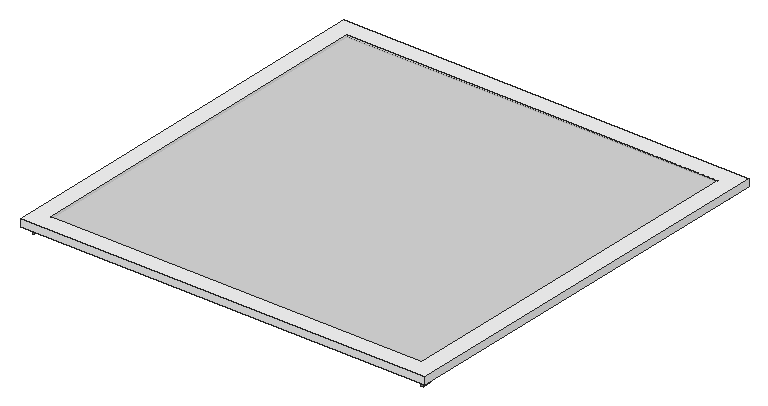
Revit family "0047752 Feilo Sylvania Lighting Fixtures START FLAT 600 3000K DALI G2", category Lighting Fixtures, host Face, Revit 2017
Family settings
  Host = Face
  Round Connector Dimension = Use Diameter
  Part Type = Normal
  OmniClass Number = 23.80.70.11.17
  OmniClass Title = Specialized Lighting by Location or Use
  Cut with Voids When Loaded = No
  Light Source = Yes
  Shared = No
  Room Calculation Point = No
Parameters (values of type "0047752 START FLAT 600 3000K DALI G2")
  Weight = "12.25 kg"
  Wattage = 39 W
  WarrantyStartDate [instance] = "n/a"
  WarrantyGuarantorParts = "n/a"
  WarrantyDurationUnit = "n/a"
  WarrantyDurationParts = "n/a"
  WarrantyDescription = "n/a"
  built-in parameter 1150110 = 1 (stored number, unit not read)
  Voltage = 230 V
  URL = "http://www.sylvania-lighting.com"
  TypeName = "START FLAT 600 3000K DALI G2"
  built-in parameter 1114217 = 1 (stored number, unit not read)
  Tilt Angle = -90.00°
  built-in parameter 1150109 = 1 (stored number, unit not read)
  built-in parameter 1150134 = (empty or 0)
  built-in parameter 1150113 = 1 (stored number, unit not read)
  SerialNumber [instance] = "n/a"
  PowerFactor = 0.98
  PowerConsumption = "39 W"
  Photometric Web File = "0047752.ies"
  NominalWidth = 0.0 mm
  NominalLength = 595.0 mm
  NominalHeight = 10.5 mm
  Name = "START FLAT 600 3000K DALI G2"
  ModelReference = "START FLAT 600 3000K DALI G2"
  ModelNumber = "0047752"
  Material = "aluminium housing, pmma diffuser"
  ManufacturerName = "Feilo Sylvania"
  LuminousEfficacy = "100 lm/W"
  LuminaireType = ""
  LightOutputRatio = "n/a"
  LampsType = Lamp  # "Integrated LED"
  LampNominalLuminous = "3900 lm"
  LampMacAdamStep = "3"
  LampColourTemperature = "3000 K"
  LampColourRenderingIndex = "80"
  Keynote = "16500"
  InstallationDate [instance] = "n/a"
  InputVoltage = "220-240V~"
  InputNominalFrequency = "50/60 Hz"
  IngressProtection = "IP20"
  ImpactProtectionIndex = "IK03"
  IfcExportType = "IfcLightFixtureType"
  IfcExportAs = "IfcLightFixtureType"
  ExpectedLife = 50000
  ElectricShockClassification = "Class II"
  DurationUnit = "hours"
  DocumentationLiterature = "http://www.sylvania-lighting.com/product/en-int/products/0047752"
  DimmingControlOptions = "Dimmable"
  DiffuserMaterial = Polycarbonate_Sylvania_Startflat Panel LED_Opal
  Cutout Width = 574.0 mm
  Cutout Length = 574.0 mm
  CreatedOn = "11/30/2017"
  CreatedBy = ""
  built-in parameter 1114216 [instance] = 1 (stored number, unit not read)
  Model = "START FLAT 600 3000K DALI G2"
  Manufacturer = "Feilo-Sylvania Group"
  built-in parameter 1150105 = 310.35 (stored number, unit not read)
  Lumens = 3900 lm
  built-in parameter 1150115 = 1 (stored number, unit not read)
  built-in parameter 1150137 = (empty or 0)
  built-in parameter 1150139 = (empty or 0)
  built-in parameter 1150112 = 1 (stored number, unit not read)
  built-in parameter 1150114 = 1 (stored number, unit not read)
  Lamp = "Integrated LED"  # constant formula
  built-in parameter 1150132 = 2
  built-in parameter 1150102 = (empty or 0)
  built-in parameter 1150107 = 3000 (stored number, unit not read)
  built-in parameter 1150138 = (empty or 0)
  built-in parameter 1150106 = 3.1035 (stored number, unit not read)
  BodyMaterial = Metal_Sylvania_Startflat Panel LED_White
  Emit from Rectangle Width = 545.0 mm
  Emit from Rectangle Length = 545.0 mm
  Emit Shape Visible in Rendering = no
  built-in parameter 1150104 = 9.2903 (stored number, unit not read)
  Dimming Lamp Color Temperature Shift = <None>
  Description = "Ultra thin LED Panel, excellent uniformity of light, perfect for ceilings with low voids, high efficacy.Ulta thin edgelit LED 600x600mm Panel with, excellent uniform light distribution. Acrylic PMMA diffuser optimising light output whilst reducing glare. 4239lm 93lm/W."  # constant formula
  Default Elevation = 0.0 mm
  Color Filter = 16777215
  built-in parameter 1140040 [instance] = 1
  BarCode [instance] = "n/a"
  built-in parameter 1114218 = 1 (stored number, unit not read)
  built-in parameter 1150133 = 10 (stored number, unit not read)
  AssetType = "Fixed"
  AssetIdentifier [instance] = "n/a"
  Assembly Code = "D5020200"
  Apparent Load = 39 VA
  MountingMaterial = Metal_Sylvania_Startflat Panel LED_Silver
Reference planes
  plane 1 "Center (Front/Back)": y = 0
  plane 2 "Fixture Top": z = 0
  plane 3 "Center (Left/Right)": x = 0
  plane 4: x = 295.5
  plane 5: x = -295.5
  plane 6 "Fixture Back": y = 297.5
  plane 7 "Fixture Front": y = -297.5
  plane 8 "Fixture Left": x = -297.5
  plane 9 "Fixture Right": x = 297.5
  plane 10: y = 295.5
  plane 11: y = -295.5
  plane 12: x = 272.5
  plane 13: x = -272.5
  plane 14: y = 272.5
  plane 15: y = -272.5
  plane 16: x = -287
  plane 17: x = 287
  plane 18: y = 287
  plane 19: y = -287
  plane 20 "Fixture Bottom": z = 10.5
  plane 21: z = 8.5
  plane 22: z = 6.5
  plane 23: z = -10
  plane 24: z = 2
Forms (mm)
  Extrusion 1, void
    sketch origin (0, 0, 60) x (-1, 0, 0) y (0, -1, 0)
      loop
        line (287, -287) -> (287, 287) -> (-287, 287) -> (-287, -287) -> (287, -287)
    from -70 to -60
  Extrusion 2, solid, material "Metal_Sylvania_Startflat Panel LED_White" <- "BodyMaterial", detail levels fine
    sketch origin (0, 0, 60) x (-1, 0, 0) y (0, -1, 0)
      loop
        line (297.5, -297.5) -> (297.5, 297.5) -> (-297.5, 297.5) -> (-297.5, -297.5) -> (297.5, -297.5)
      loop
        line (272.5, -272.5) -> (272.5, 272.5) -> (-272.5, 272.5) -> (-272.5, -272.5) -> (272.5, -272.5)
    from -51.5 to -49.5
  Extrusion 3, solid, material "Metal_Sylvania_Startflat Panel LED_White" <- "BodyMaterial", detail levels fine
    sketch origin (0, 0, 60) x (-1, 0, 0) y (0, -1, 0)
      loop
        line (297.5, -297.5) -> (297.5, 297.5) -> (-297.5, 297.5) -> (-297.5, -297.5) -> (297.5, -297.5)
      loop
        line (295.5, -295.5) -> (295.5, 295.5) -> (-295.5, 295.5) -> (-295.5, -295.5) -> (295.5, -295.5)
    from -60 to -51.5
  Extrusion 4, solid, material "Polycarbonate_Sylvania_Startflat Panel LED_Opal" <- "DiffuserMaterial", detail levels fine
    sketch origin (0, 0, 60) x (-1, 0, 0) y (0, -1, 0)
      loop
        line (295.5, -295.5) -> (295.5, 295.5) -> (-295.5, 295.5) -> (-295.5, -295.5) -> (295.5, -295.5)
    from -53.5 to -51.5
  Extrusion 5, solid, material "Metal_Sylvania_Startflat Panel LED_Silver" <- "MountingMaterial", detail levels fine
    sketch origin (0, 0, 60) x (-1, 0, 0) y (0, -1, 0)
      loop
        line (287, -287) -> (287, -272.5) -> (284, -272.5) -> (284, -287) -> (287, -287)
      loop
        line (-284, -287) -> (-284, -272.5) -> (-287, -272.5) -> (-287, -287) -> (-284, -287)
      loop
        line (-284, 272.5) -> (-284, 287) -> (-287, 287) -> (-287, 272.5) -> (-284, 272.5)
      loop
        line (284, 272.5) -> (287, 272.5) -> (287, 287) -> (284, 287) -> (284, 272.5)
    from -70 to -60
  Extrusion 6, solid, material "Metal_Sylvania_Startflat Panel LED_White" <- "BodyMaterial", detail levels fine
    sketch origin (0, 0, 60) x (-1, 0, 0) y (0, -1, 0)
      loop
        line (297.5, -297.5) -> (297.5, 297.5) -> (-297.5, 297.5) -> (-297.5, -297.5) -> (297.5, -297.5)
    from -60 to -58
  Extrusion 7, solid, material "Metal_Sylvania_Startflat Panel LED_White" <- "BodyMaterial", detail levels coarse+medium
    sketch origin (0, 0, 60) x (-1, 0, 0) y (0, -1, 0)
      loop
        line (297.5, -297.5) -> (297.5, 297.5) -> (-297.5, 297.5) -> (-297.5, -297.5) -> (297.5, -297.5)
    from -60 to -49.5
Cuts and joins
  joined: Extrusion 2, Extrusion 3, Extrusion 6
Dimensions and locks
  equal spacing: plane 6 "Fixture Back", plane 1 "Center (Front/Back)", plane 7 "Fixture Front"
  locked: plane 6 "Fixture Back" to plane 7 "Fixture Front" at 595
  equal spacing: plane 8 "Fixture Left", plane 3 "Center (Left/Right)", plane 9 "Fixture Right"
  locked: plane 8 "Fixture Left" to plane 9 "Fixture Right" at 595
  locked: plane 8 "Fixture Left" to plane 5 at 2
  locked: plane 4 to plane 9 "Fixture Right" at 2
  locked: plane 6 "Fixture Back" to plane 10 at 2
  locked: plane 11 to plane 7 "Fixture Front" at 2
  locked: plane 12 to plane 9 "Fixture Right" at 25
  locked: plane 8 "Fixture Left" to plane 13 at 25
  locked: plane 6 "Fixture Back" to plane 14 at 25
  locked: plane 15 to plane 7 "Fixture Front" at 25
  equal spacing: plane 16, plane 3 "Center (Left/Right)", plane 17
  "Cutout Length": plane 16 to plane 17
  equal spacing: plane 18, plane 1 "Center (Front/Back)", plane 19
  "Cutout Width": plane 18 to plane 19
  locked: plane 20 "Fixture Bottom" to plane 2 "Fixture Top" at 10.5
  plane 20 "Fixture Bottom" to plane 21 to plane 22 = 2.0 mm locked, 2.0 mm locked
  locked: plane 2 "Fixture Top" to plane 23 at 10
  locked: plane 16 to Extrusion 5 sketch curve at 3
  locked: Extrusion 5 sketch curve to plane 17 at 3
  locked: plane 24 to plane 2 "Fixture Top" at 2
  aligned and locked: level to host face
  aligned and locked: imposter light to plane 1 "Center (Front/Back)"
  aligned and locked: plane 2 "Fixture Top" to Extrusion 1
  aligned and locked: Extrusion 2 sketch curve to plane 6 "Fixture Back"
  aligned and locked: plane 8 "Fixture Left" to Extrusion 2 sketch curve
  aligned and locked: plane 7 "Fixture Front" to Extrusion 2 sketch curve
  aligned and locked: Extrusion 2 sketch curve to plane 9 "Fixture Right"
  aligned and locked: Extrusion 2 sketch curve to plane 14
  aligned and locked: plane 13 to Extrusion 2 sketch curve
  aligned and locked: plane 15 to Extrusion 2 sketch curve
  aligned and locked: Extrusion 2 sketch curve to plane 12
  aligned and locked: Extrusion 3 sketch curve to Extrusion 2  (x4)
  aligned and locked: Extrusion 3 sketch curve to plane 10
  aligned and locked: plane 5 to Extrusion 3 sketch curve
  aligned and locked: plane 11 to Extrusion 3 sketch curve
  aligned and locked: Extrusion 3 sketch curve to plane 4
  aligned and locked: Extrusion 4 sketch curve to cut or joined group of Extrusion 2, Extrusion 3, Extrusion 6  (x4)
  aligned and locked: plane 16 to Extrusion 1 sketch curve
  aligned and locked: Extrusion 1 sketch curve to plane 17
  aligned and locked: Extrusion 1 sketch curve to plane 18
  aligned and locked: plane 19 to Extrusion 1 sketch curve
  aligned and locked: plane 20 "Fixture Bottom" to cut or joined group of Extrusion 2, Extrusion 3, Extrusion 6
  aligned and locked: cut or joined group of Extrusion 2, Extrusion 3, Extrusion 6 to plane 21
  aligned and locked: plane 21 to cut or joined group of Extrusion 2, Extrusion 3, Extrusion 6
  aligned and locked: cut or joined group of Extrusion 2, Extrusion 3, Extrusion 6 to plane 2 "Fixture Top"
  aligned and locked: plane 21 to Extrusion 4
  aligned and locked: Extrusion 4 to plane 22
  aligned and locked: level to plane 2 "Fixture Top"
  aligned and locked: plane 3 "Center (Left/Right)" to imposter light
  aligned and locked: plane 20 "Fixture Bottom" to imposter light
  aligned and locked: Extrusion 5 sketch curve to plane 18  (x2)
  aligned and locked: plane 16 to Extrusion 5 sketch curve
  aligned and locked: cut or joined group of Extrusion 2, Extrusion 3, Extrusion 6 to Extrusion 5 sketch curve  (x3)
  aligned and locked: plane 14 to Extrusion 5 sketch curve
  aligned and locked: Extrusion 5 sketch curve to plane 17  (x2)
  aligned and locked: plane 19 to Extrusion 5 sketch curve
  aligned and locked: Extrusion 5 sketch curve to plane 19
  aligned and locked: Extrusion 5 sketch curve to plane 16
  aligned and locked: Extrusion 5 to plane 23
  aligned and locked: Extrusion 5 sketch curve to Extrusion 5 sketch curve  (x2)
  aligned and locked: Extrusion 6 sketch curve to cut or joined group of Extrusion 2, Extrusion 3, Extrusion 6  (x4)
  aligned and locked: Extrusion 6 to plane 2 "Fixture Top"
  aligned and locked: plane 24 to Extrusion 6
  aligned and locked: plane 2 "Fixture Top" to Extrusion 5
  aligned and locked: Extrusion 7 sketch curve to cut or joined group of Extrusion 2, Extrusion 3, Extrusion 6  (x4)
  aligned and locked: Extrusion 7 to plane 2 "Fixture Top"
  aligned and locked: plane 20 "Fixture Bottom" to Extrusion 7
  aligned and locked: Extrusion 1 to Extrusion 5
Automatic sketch dimensions
  host sketch curve to host sketch curve = 1461.012 mm
  host sketch curve to host sketch curve = 1283.632 mm
Connectors
  electrical at (0, 0, 0), driven by "Apparent Load"
    settings: on cut or joined group of Extrusion 2, Extrusion 3, Extrusion 6, index 1, voltage 230 V, apparent load 0 VA, apparent load phase1 39 VA, apparent load phase2 0 VA, apparent load phase3 0 VA, power factor 1, load classification "Lighting", number of poles 1, system type 31, power factor state 1, is connector primary yes, connector utility no, sub classification motor no, connector description ""
